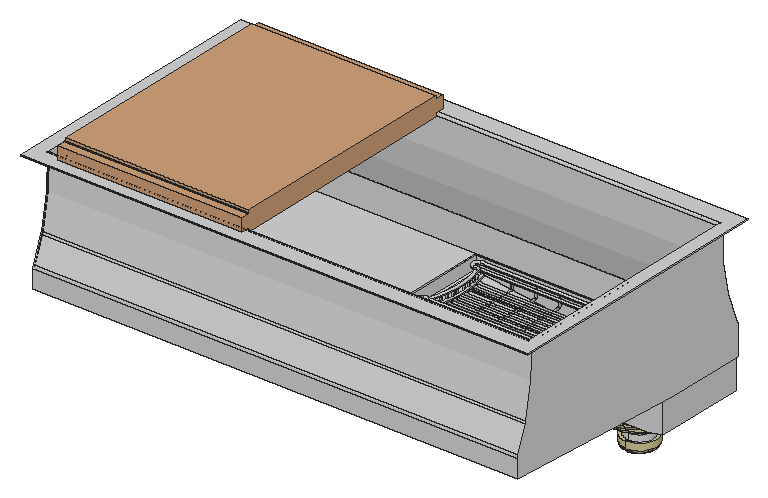
Revit family "Sink-Undermount-Kitchen-KALLISTA-Soltiere-L20306", category Plumbing Fixtures, host Face, Revit 2022
Family settings
  Host = Face
  Round Connector Dimension = Use Diameter
  Part Type = Normal
  OmniClass Number = 23.31.13.00
  OmniClass Title = Sinks
  Cut with Voids When Loaded = No
  Maintain Annotation Orientation = No
  Shared = No
  Room Calculation Point = No
Parameters (values of type "NA-Stainless Steel")
  Width = 18"  # constant formula
  WaterSense Certified = 1 = 0  # no
  Waste Water Outlet = "Waste Water Outlet"  # constant formula
  Waste Connection = 1 = 1  # yes
  Vent Connection = 1 = 0  # no
  URL = "https://www.kallista.com/"
  Type = 1
  Product Page URL = "https://www.kallista.com/products/luxury-kitchen/kitchen-sinks/kitchen-sink/soltiere-33-stainless-steel-kitchen-sink-with-standard-accessories-l20306-00/na"
  Product Name = "Soltiere"  # constant formula
  Product Documentation Link = "https://techcomm.kohler.com/techcomm/pdf/L20306-00_spec_US-CA_Kallista_en.pdf"
  Model = "L20306-00-NA"  # constant formula
  Material = "Stainless Steel"  # constant formula
  Master Format 2014 Name = "Residential Lavatories and Sinks"  # constant formula
  Master Format 2014 = "22 41 16"  # constant formula
  Manufacturer Address = "444 Highland Dr, Kohler, WI 53044"  # constant formula
  Manufacturer = "Kallista Co."  # constant formula
  Length = 33"  # constant formula
  Hot Water Inlet = "Hot Water Inlet"  # constant formula
  Height = 13.49476"  # constant formula
  HW Connection = 1 = 0  # no
  Finish = Kallista-Metal-NA-Stainless_Steel
  Environmental Product Declaration = ""
  Drain Included = 1 = 0  # no
  Dist To Cutting Board [instance] = 24.40945"
  Description = "33 inch Stainless Steel Kitchen Sink with Standard Accessories"  # constant formula
  Default Elevation = 36"
  Declare Label = ""
  Date Modified = "05/14/2025"  # constant formula
  Date Created = "05/14/2025"  # constant formula
  Copyright = "Copyright Kallista Co."  # constant formula
  Contact Us = "https://www.kallista.com/corporate/contact-us/"
  Cold Water Inlet = "Cold Water Inlet"  # constant formula
  CW Connection = 1 = 0  # no
  Assembly Code = "D2010400"
  ADA Compliant = 1 = 0  # no
Reference planes (in)
  plane 1 "Center (Front/Back)": y = 0
  plane 2: z = 0
  plane 3 "Center (Left/Right)": x = 0
  plane 4: y = -15.05512
  plane 5: y = 2.94488
  plane 6: y = -15.05512
  plane 7: x = -28.42913
  plane 8: y = 1.7883
  plane 9: x = -27.66142
  plane 10: x = 3.80315
  plane 11: y = -13.62303
  plane 12: z = -1.06045
  plane 13: z = -11.76772
  plane 14: x = -20.6063
  plane 15: y = -6.05315
  plane 16: y = 2.14764
  plane 17: y = -14.25394
  plane 18: x = -26.6063
  plane 19: x = -14.6063
  plane 20: z = -1
  plane 21: z = -14.49476
  plane 22: x = 4.57087
  plane 23: x = -11.92913
  plane 24: x = -27.74154
  plane 25: x = 3.88327
  plane 26: y = 2.26516
  plane 27: y = -14.37146
Forms (in)
  Revolve 1, void
    sketch origin (0, 0, 0) x (1, 0, 0) y (0, 0, 1)
      loop
        line (0, -11.76772) -> (-2.53006, -11.76772) -> (-2.53006, -14.49476) -> (0, -14.49476) -> (0, -11.76772)
      axis (0, -11.76772) -> (0, -14.49476)
    angle from 0 to 360
  Extrusion 2, void
    sketch origin (0, 0, 0) x (1, 0, 0) y (0, 0, 1)
      loop
        line (-27.92126, -1.06045) -> (-27.92126, -11.76772) -> (4.26086, -11.76772) -> (4.26086, -1.06045) -> (-27.92126, -1.06045)
    from -3.07218 to 15.14173
  Extrusion 3, void
    sketch origin (0, 0, 0) x (1, 0, 0) y (0, 1, 0)
      loop
        line (4.69264, 2.94488) -> (-28.43444, 2.94488) -> (-28.43444, -15.05512) -> (4.69264, -15.05512) -> (4.69264, 2.94488)
    from -1.06045 to -1
  Extrusion 4, void
    sketch origin (0, 0, 0) x (1, 0, 0) y (0, 1, 0)
      loop
        line (3.94111, 2.26516) -> (-27.74154, 2.26516) -> (-27.74154, -14.37146) -> (3.94111, -14.37146) -> (3.94111, 2.26516)
    from -1 to 9.84252
Dimensions and locks (in)
  "Dist To Cutting Board": plane 14 to plane 10
  plane 5 to plane 15 = 8.99803"  (x2)
  plane 18 to plane 14 to plane 19 = 6" locked, 6" locked
  plane 16 to plane 15 to plane 17 = 8.20079" locked, 8.20079" locked
  level to plane 20 = 1"
  "Width": plane 5 to plane 6
  "Height": plane 21 to plane 20
  "Length": plane 7 to plane 22
  aligned and locked: plane 2 to host face
  aligned and locked: level to host face
  aligned and locked: plane 1 "Center (Front/Back)" to nested 1
  aligned and locked: plane 3 "Center (Left/Right)" to nested 1
  aligned and locked: plane 14 to nested 2
  aligned and locked: nested 2 to plane 15
  aligned and locked: Revolve 1 sketch curve to plane 13
  aligned and locked: Extrusion 2 sketch curve to plane 12
  aligned and locked: plane 13 to Extrusion 2 sketch curve
  aligned and locked: Revolve 1 sketch curve to plane 21
  aligned and locked: Extrusion 3 to plane 20
  aligned and locked: Extrusion 3 to plane 12
  aligned and locked: plane 20 to Extrusion 4
  aligned and locked: plane 24 to Extrusion 4 sketch curve
  aligned and locked: Extrusion 4 sketch curve to plane 27
Automatic sketch dimensions
  host sketch curve to host sketch curve = 96"  (x2)
  Revolve 1 sketch curve to plane 3 "Center (Left/Right)" = 0"  (x2)
  Revolve 1 sketch curve to plane 3 "Center (Left/Right)" = 2.53006"
  plane 13 to Revolve 1 sketch curve = 1.24091"
  Revolve 1 sketch curve to Revolve 1 sketch curve = 0.24523"
  Extrusion 2 sketch curve to plane 7 = 0.50787"
  Extrusion 2 sketch curve to plane 10 = 0.45771"
  Extrusion 3 sketch curve to plane 5 = 0"
  Extrusion 3 sketch curve to plane 4 = 0"
  plane 7 to Extrusion 3 sketch curve = 0.0053"
  Extrusion 3 sketch curve to plane 10 = 0.88949"
  plane 8 to Extrusion 4 sketch curve = 0.47686"
  Extrusion 4 sketch curve to plane 10 = 0.13796"
Nested families (in)
  nested 1: "L20306" at (0, 0, 0), type "L20306"
  nested 2: "L20306_Cutting_Board" at (-20.6063, -6.05315, -1.22632), type "L20306_Cutting_Board"
Connectors (in)
  piping at (0, 0, -14.49478), diameter 1.5, driven by "Waste Connection", driven by "Waste Water Outlet"
    settings: on nested 1, index 1, connector inside diameter 24", connector length 0", flow factor 0, pipe flow 0 GPM, pressure drop 0.00 psi, fitting loss kfactor 0, connector angle 0.00°, fixture units 0, engagement length 0", angle of deflection 0.00°, flow configuration 0, flow direction 2, fitting loss method 0, system type 16, joint type 0, gender type 0, connector reference index -1, connector utility 1, adjustable connector no, is connector primary yes, connector description "Waste Water Outlet"
Definition of nested family "L20306"
  Parameters (values of type "L20306")
    Material = none
    Default Elevation = 0"
  Reference planes (in)
    plane 1 "Center (Front/Back)": y = 0
    plane 2: z = 0
    plane 3 "Center (Left/Right)": x = 0
    plane 4: x = 4.57087
    plane 5: x = -28.42913
    plane 6: y = 2.94488
    plane 7: z = -1
    plane 8: y = -15.05512
    plane 9: x = -27.66142
    plane 10: y = -13.62303
    plane 11: x = 3.80315
    plane 12: y = 1.7883
    plane 13: y = -5.90855
    plane 14: y = 2.14486
    plane 15: y = -14.25514
    plane 16: z = -11.76772
    plane 17: z = 0.05494
    plane 18: z = -14.49478
  Forms (in)
    Extrusion 1, solid, material <- "Material", detail levels medium+fine
      sketch origin (0, 0, 0) x (0, 1, 0) y (0, 0, 1)
        loop
          arc (1.70492, -1.13271) -> (1.72889, -1.08086) -> (1.78195, -1.05971) r 0.07713
          line (1.78195, -1.05971) -> (2.94488, -1.05971) -> (2.94488, -1) -> (-15.05512, -1) -> (-15.05512, -1.06045) -> (-13.89367, -1.06045)
          arc (-13.89367, -1.06045) -> (-13.83703, -1.08341) -> (-13.81235, -1.13932) r 0.08135
          arc (-13.81235, -1.13932) -> (-13.90643, -3.3271) -> (-14.31948, -5.47759) r 14.93193
          arc (-14.31948, -5.47759) -> (-14.34563, -5.56473) -> (-14.37671, -5.65025) r 1.59884
          line (-14.37671, -5.65025) -> (-14.98468, -7.18585)
          arc (-14.98468, -7.18585) -> (-15.01494, -7.29003) -> (-15.02515, -7.39802) r 0.57636
          line (-15.02515, -7.39802) -> (-15.02515, -8.55456) -> (-3.5143, -9.25086)
          arc (-3.5143, -9.25086) -> (-2.98861, -9.2747) -> (-2.46245, -9.28264) r 17.42055
          line (-2.46245, -9.28264) -> (2.91534, -9.28264) -> (2.91534, -7.32399)
          arc (2.91534, -7.32399) -> (2.91209, -7.2945) -> (2.90249, -7.26643) r 0.13536
          arc (2.90249, -7.26643) -> (1.92396, -4.27371) -> (1.70492, -1.13271) r 12.81133
      from -27.63182 to 4.00339
    Extrusion 2, solid, material <- "Material", detail levels medium+fine
      sketch origin (0, 0, 0) x (1, 0, 0) y (0, 0, 1)
        loop
          line (-13.06939, -9.28264) -> (-13.06939, -10.08524)
          arc (-13.06939, -10.08524) -> (-13.03235, -10.17913) -> (-12.94118, -10.22243) r 0.13751
          arc (-12.94118, -10.22243) -> (-7.86608, -10.71531) -> (-2.82832, -11.50309) r 87.46494
          arc (-2.82832, -11.50309) -> (-2.7238, -11.51762) -> (-2.61839, -11.52248) r 1.14574
          line (-2.61839, -11.52248) -> (2.67637, -11.52248)
          arc (2.67637, -11.52248) -> (2.74704, -11.5194) -> (2.81718, -11.51016) r 0.8109
          line (2.81718, -11.51016) -> (3.88117, -11.32255) -> (3.88117, -9.28264) -> (-13.06939, -9.28264)
      from -2.91874 to 2.98885
    Extrusion 3, void
      sketch origin (0, 0, 0) x (1, 0, 0) y (0, 0, 1)
        loop
          arc (-12.93852, -10.18315) -> (-7.86113, -10.67625) -> (-2.82111, -11.46438) r 87.50431
          arc (-2.82111, -11.46438) -> (-2.72018, -11.47842) -> (-2.61839, -11.48311) r 1.10637
          line (-2.61839, -11.48311) -> (2.67637, -11.48311)
          arc (2.67637, -11.48311) -> (2.74361, -11.48018) -> (2.81034, -11.47139) r 0.77153
          line (2.81034, -11.47139) -> (3.68431, -11.31729) -> (3.68431, -8.23934) -> (-13.03002, -8.23934) -> (-13.03002, -10.08524)
          arc (-13.03002, -10.08524) -> (-13.00359, -10.15225) -> (-12.93852, -10.18315) r 0.09814
      from -2.83097 to 2.91459
    Sweep 4, solid, detail levels medium+fine
      path origin (-0.04561, -0.00109, 0) x (1, 0, 0) y (0, 1, 0)
        loop
          circle (0.02608, -0.00208) r 2.16535
      profile origin (-0.01953, 2.16219, 0) x (0, -1, 0) y (0, 0, 1)
        loop
          circle (-0.25104, -9.43723) r 0.0935
    Sweep 5, solid, detail levels medium+fine
      path origin (0, 0, 0) x (0, 1, 0) y (0, 0, 1)
        loop
          line (-2.23524, -9.46485) -> (-2.23524, -9.90475)
          arc (-2.23524, -9.90475) -> (-2.19072, -10.01223) -> (-2.08325, -10.05674) r 0.15199
          line (-2.08325, -10.05674) -> (2.09029, -10.05674)
          arc (2.09029, -10.05674) -> (2.19226, -10.01451) -> (2.2345, -9.91253) r 0.14421
          line (2.2345, -9.91253) -> (2.2345, -9.44732)
      profile origin (0, -2.23524, -9.46485) x (1, 0, 0) y (0, 1, 0)
        loop
          circle (-3.95163, 0.0504) r 0.0525
    Sweep 6, solid, detail levels medium+fine
      path origin (-1.54, 0, 0) x (0, 1, 0) y (0, 0, 1)
        loop
          line (-2.23524, -9.46485) -> (-2.23524, -9.90475)
          arc (-2.23524, -9.90475) -> (-2.19072, -10.01223) -> (-2.08325, -10.05674) r 0.15199
          line (-2.08325, -10.05674) -> (2.09029, -10.05674)
          arc (2.09029, -10.05674) -> (2.19226, -10.01451) -> (2.2345, -9.91253) r 0.14421
          line (2.2345, -9.91253) -> (2.2345, -9.44732)
      profile origin (-1.54, -2.23524, -9.46485) x (1, 0, 0) y (0, 1, 0)
        loop
          circle (-3.95163, 0.0504) r 0.0525
    Sweep 7, solid, detail levels medium+fine
      path origin (-3.08, 0, 0) x (0, 1, 0) y (0, 0, 1)
        loop
          line (-2.23524, -9.46485) -> (-2.23524, -9.90475)
          arc (-2.23524, -9.90475) -> (-2.19072, -10.01223) -> (-2.08325, -10.05674) r 0.15199
          line (-2.08325, -10.05674) -> (2.09029, -10.05674)
          arc (2.09029, -10.05674) -> (2.19226, -10.01451) -> (2.2345, -9.91253) r 0.14421
          line (2.2345, -9.91253) -> (2.2345, -9.44732)
      profile origin (-3.08, -2.23524, -9.46485) x (1, 0, 0) y (0, 1, 0)
        loop
          circle (-3.95163, 0.0504) r 0.0525
    Sweep 8, solid, detail levels medium+fine
      path origin (-4.62, 0, 0) x (0, 1, 0) y (0, 0, 1)
        loop
          line (-2.23524, -9.46485) -> (-2.23524, -9.90475)
          arc (-2.23524, -9.90475) -> (-2.19072, -10.01223) -> (-2.08325, -10.05674) r 0.15199
          line (-2.08325, -10.05674) -> (2.09029, -10.05674)
          arc (2.09029, -10.05674) -> (2.19226, -10.01451) -> (2.2345, -9.91253) r 0.14421
          line (2.2345, -9.91253) -> (2.2345, -9.44732)
      profile origin (-4.62, -2.23524, -9.46485) x (1, 0, 0) y (0, 1, 0)
        loop
          circle (-3.95163, 0.0504) r 0.0525
    Sweep 9, solid, detail levels medium+fine
      path origin (-6.16, 0, 0) x (0, 1, 0) y (0, 0, 1)
        loop
          line (-2.23524, -9.46485) -> (-2.23524, -9.90475)
          arc (-2.23524, -9.90475) -> (-2.19072, -10.01223) -> (-2.08325, -10.05674) r 0.15199
          line (-2.08325, -10.05674) -> (2.09029, -10.05674)
          arc (2.09029, -10.05674) -> (2.19226, -10.01451) -> (2.2345, -9.91253) r 0.14421
          line (2.2345, -9.91253) -> (2.2345, -9.44732)
      profile origin (-6.16, -2.23524, -9.46485) x (1, 0, 0) y (0, 1, 0)
        loop
          circle (-3.95163, 0.0504) r 0.0525
    Sweep 10, solid, detail levels medium+fine
      path origin (0, 0, 0) x (1, 0, 0) y (0, 0, 1)
        loop
          line (-2.03042, -9.45566) -> (-2.03042, -9.80529)
          arc (-2.03042, -9.80529) -> (-2.07345, -9.90915) -> (-2.17731, -9.95217) r 0.14688
          line (-2.17731, -9.95217) -> (-11.75841, -9.95217)
          arc (-11.75841, -9.95217) -> (-11.86145, -9.90949) -> (-11.90413, -9.80645) r 0.14572
          line (-11.90413, -9.80645) -> (-11.90413, -9.45566)
      profile origin (-2.03042, 0, -9.63048) x (0, -1, 0) y (1, 0, 0)
        loop
          circle (-1.50616, -0.0525) r 0.0525
    Sweep 11, solid, detail levels medium+fine
      path origin (-0.25133, -0.43, 0) x (1, 0, 0) y (0, 0, 1)
        loop
          line (-2.03042, -9.45566) -> (-2.03042, -9.80529)
          arc (-2.03042, -9.80529) -> (-2.07345, -9.90915) -> (-2.17731, -9.95217) r 0.14688
          line (-2.17731, -9.95217) -> (-11.41392, -9.95217)
          arc (-11.41392, -9.95217) -> (-11.51696, -9.90949) -> (-11.55964, -9.80645) r 0.14572
          line (-11.55964, -9.80645) -> (-11.55964, -9.45566)
      profile origin (-2.28175, -0.43, -9.63048) x (0, -1, 0) y (1, 0, 0)
        loop
          circle (-1.50616, -0.0525) r 0.0525
    Sweep 12, solid, detail levels medium+fine
      path origin (-0.40481, -0.86, 0) x (1, 0, 0) y (0, 0, 1)
        loop
          line (-2.03042, -9.45566) -> (-2.03042, -9.80529)
          arc (-2.03042, -9.80529) -> (-2.07345, -9.90915) -> (-2.17731, -9.95217) r 0.14688
          line (-2.17731, -9.95217) -> (-11.21707, -9.95217)
          arc (-11.21707, -9.95217) -> (-11.32011, -9.90949) -> (-11.36279, -9.80645) r 0.14572
          line (-11.36279, -9.80645) -> (-11.36279, -9.45566)
      profile origin (-2.43523, -0.86, -9.63048) x (0, -1, 0) y (1, 0, 0)
        loop
          circle (-1.50616, -0.0525) r 0.0525
    Sweep 13, solid, detail levels medium+fine
      path origin (-0.47219, -1.28545, 0) x (1, 0, 0) y (0, 0, 1)
        loop
          line (-2.03042, -9.45566) -> (-2.03042, -9.80529)
          arc (-2.03042, -9.80529) -> (-2.07345, -9.90915) -> (-2.17731, -9.95217) r 0.14688
          line (-2.17731, -9.95217) -> (-11.11864, -9.95217)
          arc (-11.11864, -9.95217) -> (-11.22169, -9.90949) -> (-11.26437, -9.80645) r 0.14572
          line (-11.26437, -9.80645) -> (-11.26437, -9.45566)
      profile origin (-2.50262, -1.28545, -9.63048) x (0, -1, 0) y (1, 0, 0)
        loop
          circle (-1.50616, -0.0525) r 0.0525
    Sweep 14, solid, detail levels medium+fine
      path origin (-0.47219, -1.71959, 0) x (1, 0, 0) y (0, 0, 1)
        loop
          line (-2.03042, -9.45566) -> (-2.03042, -9.80529)
          arc (-2.03042, -9.80529) -> (-2.07345, -9.90915) -> (-2.17731, -9.95217) r 0.14688
          line (-2.17731, -9.95217) -> (-11.26628, -9.95217)
          arc (-11.26628, -9.95217) -> (-11.36932, -9.90949) -> (-11.41201, -9.80645) r 0.14572
          line (-11.41201, -9.80645) -> (-11.41201, -9.45566)
      profile origin (-2.50262, -1.71959, -9.63048) x (0, -1, 0) y (1, 0, 0)
        loop
          circle (-1.50616, -0.0525) r 0.0525
    Sweep 15, solid, detail levels medium+fine
      path origin (-0.39559, -2.14918, 0) x (1, 0, 0) y (0, 0, 1)
        loop
          line (-2.03042, -9.45566) -> (-2.03042, -9.80529)
          arc (-2.03042, -9.80529) -> (-2.07345, -9.90915) -> (-2.17731, -9.95217) r 0.14688
          line (-2.17731, -9.95217) -> (-11.24168, -9.95217)
          arc (-11.24168, -9.95217) -> (-11.34472, -9.90949) -> (-11.3874, -9.80645) r 0.14572
          line (-11.3874, -9.80645) -> (-11.3874, -9.45566)
      profile origin (-2.42602, -2.14918, -9.63048) x (0, -1, 0) y (1, 0, 0)
        loop
          circle (-1.50616, -0.0525) r 0.0525
    Sweep 16, solid, detail levels medium+fine
      path origin (-0.25133, -2.58, 0) x (1, 0, 0) y (0, 0, 1)
        loop
          line (-2.03042, -9.45566) -> (-2.03042, -9.80529)
          arc (-2.03042, -9.80529) -> (-2.07345, -9.90915) -> (-2.17731, -9.95217) r 0.14688
          line (-2.17731, -9.95217) -> (-11.43853, -9.95217)
          arc (-11.43853, -9.95217) -> (-11.54157, -9.90949) -> (-11.58425, -9.80645) r 0.14572
          line (-11.58425, -9.80645) -> (-11.58425, -9.45566)
      profile origin (-2.28175, -2.58, -9.63048) x (0, -1, 0) y (1, 0, 0)
        loop
          circle (-1.50616, -0.0525) r 0.0525
    Sweep 17, solid, detail levels medium+fine
      path origin (0, -3.01, 0) x (1, 0, 0) y (0, 0, 1)
        loop
          line (-2.03042, -9.45566) -> (-2.03042, -9.80529)
          arc (-2.03042, -9.80529) -> (-2.07345, -9.90915) -> (-2.17731, -9.95217) r 0.14688
          line (-2.17731, -9.95217) -> (-11.75841, -9.95217)
          arc (-11.75841, -9.95217) -> (-11.86145, -9.90949) -> (-11.90413, -9.80645) r 0.14572
          line (-11.90413, -9.80645) -> (-11.90413, -9.45566)
      profile origin (-2.03042, -3.01, -9.63048) x (0, -1, 0) y (1, 0, 0)
        loop
          circle (-1.50616, -0.0525) r 0.0525
    Sweep 18, solid, detail levels medium+fine
      path origin (-0.62254, 0.02827, 0) x (-1, 0, 0) y (0, -1, 0)
        loop
          arc (1.40141, -2.14388) -> (2.37415, 0.09111) -> (1.26079, 2.25949) r 2.84665
      profile origin (-2.99669, -0.06284, 0) x (0.99949, 0.031919, 0) y (0, 0, 1)
        loop
          circle (0.25104, -9.70498) r 0.07874
    Sweep 19, solid, detail levels medium+fine
      path origin (0, 0, 0) x (1, 0, 0) y (0, 1, 0)
        loop
          arc (3.22859, 2.70606) -> (3.65905, 2.40516) -> (3.52433, 1.89754) r 0.45835
          arc (3.52433, 1.89754) -> (2.6224, -0.05877) -> (3.5457, -2.00509) r 2.54246
          arc (3.5457, -2.00509) -> (3.66545, -2.44186) -> (3.29497, -2.70234) r 0.3937
          line (3.29497, -2.70234) -> (-12.44424, -2.70234)
          arc (-12.44424, -2.70234) -> (-12.82274, -2.32384) -> (-12.44424, -1.94534) r 0.3785
          line (-12.44424, -1.94534) -> (-1.59571, -1.94534)
      profile origin (-4.57463, -2.70234, 0) x (0, -1, 0) y (0, 0, 1)
        loop
          circle (-0.0935, -9.45566) r 0.0935
    Sweep 20, solid, detail levels medium+fine
      path origin (0, 0.00569, 0) x (1, 0, 0) y (0, 1, 0)
        loop
          line (3.22859, 2.70234) -> (-12.44424, 2.70234)
          arc (-12.44424, 2.70234) -> (-12.82274, 2.32384) -> (-12.44424, 1.94534) r 0.3785
          line (-12.44424, 1.94534) -> (-1.59571, 1.94534)
      profile origin (-4.60782, 2.70803, 0) x (0, -1, 0) y (0, 0, 1)
        loop
          circle (0.0935, -9.45566) r 0.0935
    Sweep 21, solid, detail levels medium+fine
      path origin (-13.51819, 0.02827, 0) x (1, 0, 0) y (0, 1, 0)
        loop
          arc (1.39074, -2.07479) -> (1.71257, -0.10629) -> (1.39074, 1.86222) r 6.18131
      profile origin (-11.80563, -0.07802, 0) x (-1, 0, 0) y (0, 0, 1)
        loop
          circle (-0.25104, -9.70498) r 0.07874
    Sweep 22, solid, detail levels medium+fine
      path origin (-13.78048, -0.00109, 0) x (-1, 0, 0) y (0, -1, 0)
        loop
          arc (-1.83687, 2.14145) -> (-2.21093, 0.0219) -> (-1.85306, -2.10044) r 6.329
      profile origin (-11.56955, -0.02299, 0) x (-0.999993, 0.003816, 0) y (0, 0, 1)
        loop
          circle (0.25104, -9.43723) r 0.0935
    Revolve 23, solid, material <- "Material", detail levels medium+fine
      sketch origin (-0.03196, 1.03277, 36.34739) x (0, 1, 0) y (0, 0, 1)
        loop
          line (1.05658, -47.83051) -> (0.54661, -47.83051) -> (0.54661, -48.34047) -> (0.54661, -49.1285)
          arc (0.54661, -49.1285) -> (0.53307, -49.17495) -> (0.4967, -49.20685) r 0.08645
          line (0.4967, -49.20685) -> (-0.09426, -49.48242) -> (-0.24491, -49.78525) -> (-0.24491, -50.84217) -> (-0.0393, -50.84217)
          arc (-0.0393, -50.84217) -> (-0.01129, -50.83134) -> (0.00892, -50.80912) r 0.06534
          line (0.00892, -50.80912) -> (0.09083, -50.66135) -> (0.09083, -50.2213) -> (-0.10602, -50.2213) -> (-0.10602, -49.80564)
          arc (-0.10602, -49.80564) -> (-0.04523, -49.61282) -> (0.11516, -49.48975) r 0.33616
          line (0.11516, -49.48975) -> (0.49651, -49.35095)
          arc (0.49651, -49.35095) -> (0.61232, -49.26209) -> (0.65621, -49.12288) r 0.2427
          line (0.65621, -49.12288) -> (0.65621, -49.07185) -> (1.01829, -49.07185)
          arc (1.01829, -49.07185) -> (1.03733, -49.06384) -> (1.04492, -49.04463) r 0.02663
          line (1.04492, -49.04463) -> (1.03913, -48.78515)
          arc (1.03913, -48.78515) -> (1.04772, -48.76192) -> (1.06987, -48.75084) r 0.03369
          line (1.06987, -48.75084) -> (1.23668, -48.73625)
          arc (1.23668, -48.73625) -> (1.28795, -48.70932) -> (1.30475, -48.6539) r 0.075
          line (1.30475, -48.6539) -> (0.7111, -48.66226) -> (0.7111, -48.48171) -> (1.30165, -48.48171) -> (1.30165, -48.43392) -> (0.70722, -48.44229) -> (0.70722, -48.28728) -> (1.29771, -48.27896) -> (1.29771, -48.15395) -> (0.65813, -48.16296)
          arc (0.65813, -48.16296) -> (0.67897, -48.06591) -> (0.76256, -48.01238) r 0.129
          line (0.76256, -48.01238) -> (1.21901, -47.9319) -> (1.21901, -47.83051) -> (1.05658, -47.83051)
        axis (-1.03277, -50.84217) -> (-1.03277, -47.83051)
      angle from 0 to 360
    Revolve 24, solid, material <- "Material", detail levels medium+fine
      sketch origin (-30.11193, -0.03016, -11.74558) x (1, 0, 0) y (0, 0, 1)
        loop
          line (28.37153, 0.20458) -> (28.37153, 0.17057) -> (28.43393, 0.17057)
          arc (28.43393, 0.17057) -> (28.52883, 0.13271) -> (28.57161, 0.03992) r 0.13786
          line (28.57161, 0.03992) -> (28.60638, -0.62363)
          arc (28.60638, -0.62363) -> (28.64386, -0.70492) -> (28.727, -0.73809) r 0.12078
          line (28.727, -0.73809) -> (30.12126, -0.73809) -> (30.12126, 0.35272) -> (30.08592, 0.35272)
          arc (30.08592, 0.35272) -> (29.95563, 0.3389) -> (29.83113, 0.29805) r 0.62101
          arc (29.83113, 0.29805) -> (29.80339, 0.24321) -> (29.85119, 0.20458) r 0.04889
          line (29.85119, 0.20458) -> (29.97467, 0.20458) -> (29.97467, -0.70732) -> (28.72432, -0.70732)
          arc (28.72432, -0.70732) -> (28.66337, -0.68301) -> (28.6359, -0.62342) r 0.08854
          line (28.6359, -0.62342) -> (28.60029, 0.05596)
          arc (28.60029, 0.05596) -> (28.55163, 0.16151) -> (28.44368, 0.20458) r 0.15683
          line (28.44368, 0.20458) -> (28.37153, 0.20458)
        axis (30.12126, -0.73809) -> (30.12126, 0.35272)
      angle from 0 to 360
    Extrusion 25, void
      sketch origin (-30.11193, 0.04921, -11.77492) x (1, 0, 0) y (0, 1, 0)
        loop
          circle (30.29449, 0.90636) r 0.095
        loop
          circle (30.56016, 0.77099) r 0.095
        loop
          circle (30.7291, 0.58277) r 0.095
        loop
          circle (30.90636, 0.29449) r 0.095
        loop
          circle (29.43984, 0.77099) r 0.095
        loop
          circle (29.22901, 0.56016) r 0.095
        loop
          circle (29.09364, 0.29449) r 0.095
        loop
          circle (29.70551, 0.90636) r 0.095
        loop
          circle (30, 0.953) r 0.095
        loop
          circle (30.953, 0) r 0.095
        loop
          circle (30.625, 0) r 0.095
        loop
          circle (30.54127, 0.3125) r 0.095
        loop
          circle (30.3125, 0.54127) r 0.095
        loop
          circle (30, 0.625) r 0.095
        loop
          circle (29.6875, 0.54127) r 0.095
        loop
          circle (29.45873, 0.3125) r 0.095
        loop
          circle (29.375, 0) r 0.095
        loop
          circle (29.047, 0) r 0.095
        loop
          circle (30.29449, -0.9064) r 0.095
        loop
          circle (30.56016, -0.77104) r 0.095
        loop
          circle (30.77099, -0.5602) r 0.095
        loop
          circle (30.90636, -0.29454) r 0.095
        loop
          circle (29.43984, -0.77104) r 0.095
        loop
          circle (29.22901, -0.5602) r 0.095
        loop
          circle (29.09364, -0.29454) r 0.095
        loop
          circle (29.70551, -0.9064) r 0.095
        loop
          circle (30, -0.95304) r 0.095
        loop
          circle (30.54127, -0.31254) r 0.095
        loop
          circle (30.3125, -0.54131) r 0.095
        loop
          circle (30, -0.62504) r 0.095
        loop
          circle (29.6875, -0.54131) r 0.095
        loop
          circle (29.45873, -0.31254) r 0.095
      from -0.82453 to -0.41363
    Revolve 26, void
      sketch origin (0, -22.04724, 0) x (0, 1, 0) y (0, 0, 1)
        loop
          line (22.04724, -11.37052) -> (22.04724, -12.29153) -> (23.69897, -12.29153) -> (23.69897, -11.81066)
          arc (23.69897, -11.81066) -> (23.71269, -11.74169) -> (23.75176, -11.68322) r 0.18023
          line (23.75176, -11.68322) -> (23.90324, -11.53173)
          arc (23.90324, -11.53173) -> (23.9571, -11.49575) -> (24.02062, -11.48311) r 0.166
          line (24.02062, -11.48311) -> (24.06445, -11.48311) -> (24.06445, -11.37052) -> (22.04724, -11.37052)
        axis (22.04724, -12.29153) -> (22.04724, -11.37052)
      angle from 0 to 360
    Extrusion 27, void
      sketch origin (0, 0, 0) x (0, 1, 0) y (0, 0, 1)
        loop
          arc (2.85079, -7.33817) -> (2.84891, -7.32103) -> (2.84333, -7.30472) r 0.07874
          arc (2.84333, -7.30472) -> (1.86439, -4.31599) -> (1.63834, -1.17916) r 12.89007
          arc (1.63834, -1.17916) -> (1.71335, -1.0158) -> (1.88028, -0.94911) r 0.24225
          line (1.88028, -0.94911) -> (2.01765, -0.94911) -> (2.01765, -0.53076) -> (1.67231, -0.53076) -> (-14.03241, -0.53076) -> (-14.03241, -0.97867) -> (-13.96236, -0.97867)
          arc (-13.96236, -0.97867) -> (-13.83896, -1.02871) -> (-13.78527, -1.15055) r 0.17717
          arc (-13.78527, -1.15055) -> (-13.88064, -3.34532) -> (-14.29534, -5.50266) r 15.01067
          arc (-14.29534, -5.50266) -> (-14.32279, -5.5941) -> (-14.35539, -5.68382) r 1.67758
          line (-14.35539, -5.68382) -> (-14.91146, -7.08836)
          arc (-14.91146, -7.08836) -> (-14.93759, -7.1783) -> (-14.94641, -7.27154) r 0.49762
          line (-14.94641, -7.27154) -> (-14.94641, -8.48044) -> (-3.00405, -9.20284)
          arc (-3.00405, -9.20284) -> (-2.98647, -9.20364) -> (-2.96887, -9.2039) r 0.58254
          line (-2.96887, -9.2039) -> (2.85079, -9.2039) -> (2.85079, -7.33817)
      from -27.56176 to 3.88117
    Sweep 28, solid, detail levels medium+fine
      path origin (4.74253, 0.02827, 0) x (-1, 0, 0) y (0, -1, 0)
        loop
          arc (1.93601, -1.51944) -> (2.37559, -0.00735) -> (1.94409, 1.50706) r 2.84665
      profile origin (2.36694, 0.03563, 0) x (0.999996, -0.002671, 0) y (0, 0, 1)
        loop
          circle (0.25104, -9.70498) r 0.07874
    Extrusion 29, solid, detail levels medium+fine
      sketch origin (0.04921, 0.04921, 0) x (1, 0, 0) y (0, 1, 0)
        loop
          circle (2.91187, -1.28717) r 0.078
      from -9.69146 to -11.46538
    Extrusion 30, solid, detail levels medium+fine
      sketch origin (0.02461, 2.54675, 0) x (1, 0, 0) y (0, 1, 0)
        loop
          circle (2.91187, -1.28717) r 0.078
      from -9.69146 to -11.46538
    Extrusion 31, solid, material <- "Material", detail levels medium+fine
      sketch origin (0, 0, 0) x (0, 1, 0) y (0, 0, 1)
        loop
          line (-6.27406, -1.05971) -> (2.94488, -1.05971) -> (2.94488, -1) -> (-15.05512, -1) -> (-15.05512, -1.06045) -> (-6.27406, -1.05971)
      from 4.00339 to 4.69264
    Extrusion 32, solid, material <- "Material", detail levels medium+fine
      sketch origin (-32.43252, 0, 0) x (0, 1, 0) y (0, 0, 1)
        loop
          line (-6.27406, -1.05971) -> (2.94488, -1.05971) -> (2.94488, -1) -> (-15.05512, -1) -> (-15.05512, -1.06045) -> (-6.27406, -1.05971)
      from 4.00339 to 4.8007
    Extrusion 33, solid, material <- "Material", detail levels coarse
      sketch origin (0.05771, -0.08661, 0) x (0, 1, 0) y (0, 0, 1)
        loop
          arc (1.70492, -1.13271) -> (1.72889, -1.08086) -> (1.78195, -1.05971) r 0.07713
          line (1.78195, -1.05971) -> (2.94488, -1.05971) -> (2.94488, -1) -> (-15.05512, -1) -> (-15.05512, -1.06045) -> (-13.89367, -1.06045)
          arc (-13.89367, -1.06045) -> (-13.83703, -1.08341) -> (-13.81235, -1.13932) r 0.08135
          arc (-13.81235, -1.13932) -> (-13.90643, -3.3271) -> (-14.31948, -5.47759) r 14.93193
          arc (-14.31948, -5.47759) -> (-14.34563, -5.56473) -> (-14.37671, -5.65025) r 1.59884
          line (-14.37671, -5.65025) -> (-14.98468, -7.18585)
          arc (-14.98468, -7.18585) -> (-15.01494, -7.29003) -> (-15.02515, -7.39802) r 0.57636
          line (-15.02515, -7.39802) -> (-15.02515, -8.55456) -> (-3.5143, -9.25086)
          arc (-3.5143, -9.25086) -> (-2.98861, -9.2747) -> (-2.46245, -9.28264) r 17.42055
          line (-2.46245, -9.28264) -> (2.91534, -9.28264) -> (2.91534, -7.32399)
          arc (2.91534, -7.32399) -> (2.91209, -7.2945) -> (2.90249, -7.26643) r 0.13536
          arc (2.90249, -7.26643) -> (1.92396, -4.27371) -> (1.70492, -1.13271) r 12.81133
      from -27.63182 to 4.00339
    Extrusion 34, solid, material <- "Material", detail levels coarse
      sketch origin (0, -0.39162, 0) x (1, 0, 0) y (0, 0, 1)
        loop
          line (-13.06939, -9.28264) -> (-13.06939, -10.08524)
          arc (-13.06939, -10.08524) -> (-13.03235, -10.17913) -> (-12.94118, -10.22243) r 0.13751
          arc (-12.94118, -10.22243) -> (-7.86608, -10.71531) -> (-2.82832, -11.50309) r 87.46494
          arc (-2.82832, -11.50309) -> (-2.7238, -11.51762) -> (-2.61839, -11.52248) r 1.14574
          line (-2.61839, -11.52248) -> (2.67637, -11.52248)
          arc (2.67637, -11.52248) -> (2.74704, -11.5194) -> (2.81718, -11.51016) r 0.8109
          line (2.81718, -11.51016) -> (3.88117, -11.32255) -> (3.88117, -9.28264) -> (-13.06939, -9.28264)
      from -2.91874 to 2.98885
    Extrusion 35, void
      sketch origin (0, 0, 0) x (0, 1, 0) y (0, 0, 1)
        loop
          arc (-13.88574, -0.59922) -> (-13.92504, -3.06344) -> (-14.36808, -5.48783) r 14.9713
          arc (-14.36808, -5.48783) -> (-14.39488, -5.57712) -> (-14.42671, -5.66474) r 1.63821
          line (-14.42671, -5.66474) -> (-15.03468, -7.20035)
          arc (-15.03468, -7.20035) -> (-15.06288, -7.2974) -> (-15.07239, -7.39802) r 0.53699
          line (-15.07239, -7.39802) -> (-15.07239, -8.5175) -> (-3.59854, -9.21156)
          arc (-3.59854, -9.21156) -> (-3.07404, -9.23534) -> (-2.54906, -9.24327) r 17.38118
          line (-2.54906, -9.24327) -> (2.78936, -9.24327) -> (2.78936, -7.32399)
          arc (2.78936, -7.32399) -> (2.78705, -7.30308) -> (2.78024, -7.28317) r 0.09599
          arc (2.78024, -7.28317) -> (1.75036, -4.01924) -> (1.61856, -0.59922) r 12.8507
          line (1.61856, -0.59922) -> (-13.88574, -0.59922)
      from -26.528 to 3.05228
    Extrusion 36, void
      sketch origin (0, 0, 0) x (1, 0, 0) y (0, 1, 0)
        loop
          line (3.05228, 1.56056) -> (-12.86804, 1.56056) -> (-12.86804, -2.99264) -> (3.05228, -2.99264) -> (3.05228, 1.56056)
      from -10.09049 to -8.55456
    Revolve 37, solid, material <- "Material", detail levels coarse
      sketch origin (0, 0, 0) x (0, 1, 0) y (0, 0, 1)
        loop
          line (0, -11.52165) -> (-2.33443, -11.52165) -> (-2.33443, -12.13432) -> (-1.79035, -12.13432) -> (-1.79035, -12.30651) -> (-2.38091, -12.30651) -> (-2.38091, -12.47629) -> (-2.18406, -12.47629) -> (-2.18406, -12.86999) -> (-1.68898, -12.86999) -> (-1.68898, -13.13503) -> (-0.98425, -13.13503) -> (-0.98425, -13.90026) -> (-1.1811, -13.90026) -> (-1.1811, -14.49458) -> (0, -14.49458) -> (0, -11.52165)
        axis (0, -11.52165) -> (0, -14.49458)
      angle from 0 to 360
    Extrusion 38, solid, material <- "Material", detail levels medium+fine
      sketch origin (0, 0, 0) x (1, 0, 0) y (0, 1, 0)
        loop
          circle (0, 0) r 0.19685
      from -14.49478 to -13.13503
  Cuts and joins
    Extrusion 3, Extrusion 27 cuts Extrusion 1
    Extrusion 27 cuts Extrusion 31
    Extrusion 27 cuts Extrusion 32
    joined: Extrusion 1, Extrusion 31, Extrusion 32
    Extrusion 25 cuts Revolve 24
    Extrusion 3, Revolve 26 cuts Extrusion 2
    Revolve 26 cuts Revolve 23
    joined: Extrusion 2, Revolve 23
    Extrusion 35, Extrusion 36 cuts Extrusion 33
  Lines and regions (in)
    Masking region 1
      outline origin (0, 0, 0) x (1, 0, 0) y (0, 1, 0)
        loop
          line (4.57087, 2.94488) -> (-28.42913, 2.94488) -> (-28.42913, -15.05512) -> (4.57087, -15.05512) -> (4.57087, 2.94488)
    Masking region 2
      outline origin (0, 0, 0) x (0, 1, 0) y (0, 0, 1)
        loop
          arc (2.90249, -7.26643) -> (1.92396, -4.27371) -> (1.70492, -1.13271) r 12.81133
          arc (1.70492, -1.13271) -> (1.72889, -1.08086) -> (1.78195, -1.05971) r 0.07713
          line (1.78195, -1.05971) -> (2.94488, -1.05971) -> (2.94488, -1) -> (-15.05512, -1) -> (-15.05512, -1.06045) -> (-13.89367, -1.06045)
          arc (-13.89367, -1.06045) -> (-13.83703, -1.08341) -> (-13.81235, -1.13932) r 0.08135
          arc (-13.81235, -1.13932) -> (-13.90643, -3.3271) -> (-14.31948, -5.47759) r 14.93193
          arc (-14.31948, -5.47759) -> (-14.34563, -5.56473) -> (-14.37671, -5.65025) r 1.59884
          line (-14.37671, -5.65025) -> (-14.98468, -7.18585)
          arc (-14.98468, -7.18585) -> (-15.01494, -7.29003) -> (-15.02515, -7.39802) r 0.57636
          line (-15.02515, -7.39802) -> (-15.02515, -8.55456) -> (-2.98885, -9.28264) -> (-2.98885, -11.52248) -> (-2.25482, -11.52248) -> (-2.25482, -11.58451)
          arc (-2.25482, -11.58451) -> (-2.02118, -11.6235) -> (-1.7883, -11.66677) r 12.94031
          arc (-1.7883, -11.66677) -> (-1.7113, -11.71695) -> (-1.69091, -11.80656) r 0.12244
          line (-1.69091, -11.80656) -> (-2.33048, -11.80656) -> (-2.33048, -11.93157) -> (-1.73999, -11.93157) -> (-1.73999, -12.08653) -> (-2.33443, -12.08653) -> (-2.33443, -12.13432) -> (-1.74387, -12.13432) -> (-1.74387, -12.30651) -> (-2.33752, -12.30651)
          arc (-2.33752, -12.30651) -> (-2.32487, -12.36025) -> (-2.27653, -12.38695) r 0.0681
          line (-2.27653, -12.38695) -> (-2.12277, -12.40041)
          arc (-2.12277, -12.40041) -> (-2.08866, -12.41611) -> (-2.0723, -12.44991) r 0.05563
          line (-2.0723, -12.44991) -> (-2.07742, -12.68605)
          arc (-2.07742, -12.68605) -> (-2.03648, -12.71445) -> (-1.98766, -12.72446) r 0.12408
          line (-1.98766, -12.72446) -> (-1.68898, -12.72446)
          arc (-1.68898, -12.72446) -> (-1.68619, -12.87668) -> (-1.57603, -12.98177) r 0.19767
          line (-1.57603, -12.98177) -> (-1.1067, -13.16192)
          arc (-1.1067, -13.16192) -> (-0.97645, -13.28428) -> (-0.9284, -13.4564) r 0.33233
          line (-0.9284, -13.4564) -> (-0.9284, -13.87391) -> (-1.1236, -13.87391) -> (-1.1236, -14.12992) -> (-1.1236, -14.31396) -> (-0.97692, -14.49478) -> (0.98534, -14.49478) -> (1.1236, -14.31396) -> (1.1236, -13.87391) -> (0.9284, -13.87391) -> (0.9284, -13.4564)
          arc (0.9284, -13.4564) -> (0.97645, -13.28428) -> (1.1067, -13.16192) r 0.33233
          line (1.1067, -13.16192) -> (1.57603, -12.98177)
          arc (1.57603, -12.98177) -> (1.68619, -12.87668) -> (1.68898, -12.72446) r 0.19767
          line (1.68898, -12.72446) -> (1.98766, -12.72446)
          arc (1.98766, -12.72446) -> (2.03648, -12.71445) -> (2.07742, -12.68605) r 0.12408
          line (2.07742, -12.68605) -> (2.0723, -12.44991)
          arc (2.0723, -12.44991) -> (2.08866, -12.41611) -> (2.12277, -12.40041) r 0.05563
          line (2.12277, -12.40041) -> (2.27653, -12.38695)
          arc (2.27653, -12.38695) -> (2.32487, -12.36025) -> (2.33752, -12.30651) r 0.0681
          line (2.33752, -12.30651) -> (1.74387, -12.30651) -> (1.74387, -12.13432) -> (2.33443, -12.13432) -> (2.33443, -12.08653) -> (1.73999, -12.08653) -> (1.73999, -11.93157) -> (2.33048, -11.93157) -> (2.33048, -11.80656) -> (1.69091, -11.80656)
          arc (1.69091, -11.80656) -> (1.7113, -11.71695) -> (1.7883, -11.66677) r 0.12244
          arc (1.7883, -11.66677) -> (2.02118, -11.6235) -> (2.25482, -11.58451) r 12.94031
          line (2.25482, -11.58451) -> (2.25482, -11.52248) -> (2.91874, -11.52248) -> (2.91534, -9.28264) -> (2.91534, -7.32399)
          arc (2.91534, -7.32399) -> (2.91209, -7.2945) -> (2.90249, -7.26643) r 0.13536
    Masking region 3
      outline origin (0, 0, 0) x (1, 0, 0) y (0, 0, 1)
        loop
          line (-28.42913, -1) -> (-28.42913, -1.06071) -> (-27.73814, -1.06071)
          arc (-27.73814, -1.06071) -> (-27.68389, -1.08318) -> (-27.66142, -1.13743) r 0.07672
          line (-27.66142, -1.13743) -> (-27.66142, -9.28264) -> (-13.06939, -9.28264) -> (-13.06939, -10.08524)
          arc (-13.06939, -10.08524) -> (-13.03235, -10.17913) -> (-12.94118, -10.22243) r 0.13751
          arc (-12.94118, -10.22243) -> (-7.86608, -10.71531) -> (-2.82832, -11.50309) r 87.46494
          arc (-2.82832, -11.50309) -> (-2.7238, -11.51762) -> (-2.61839, -11.52248) r 1.14574
          line (-2.61839, -11.52248) -> (-2.38734, -11.52248)
          arc (-2.38734, -11.52248) -> (-2.37089, -11.52651) -> (-2.35816, -11.53767) r 0.03562
          line (-2.35816, -11.53767) -> (-2.31416, -11.60051)
          arc (-2.31416, -11.60051) -> (-2.29266, -11.62192) -> (-2.26508, -11.63456) r 0.08631
          line (-2.26508, -11.63456) -> (-1.79253, -11.80656) -> (-2.36244, -11.80656) -> (-2.36244, -11.93157) -> (-2.18253, -11.93157) -> (-2.18253, -11.96323)
          arc (-2.18253, -11.96323) -> (-1.9784, -11.97801) -> (-1.77376, -11.9816) r 3.74149
          line (-1.77376, -11.9816) -> (-1.77376, -12.08653) -> (-2.36639, -12.08653) -> (-2.36639, -12.13432) -> (-2.18253, -12.13432) -> (-2.18253, -12.16604) -> (-1.77376, -12.16604) -> (-1.77376, -12.30651) -> (-2.36948, -12.30651)
          arc (-2.36948, -12.30651) -> (-2.35064, -12.36273) -> (-2.29788, -12.3898) r 0.07862
          line (-2.29788, -12.3898) -> (-2.15484, -12.40231)
          arc (-2.15484, -12.40231) -> (-2.1196, -12.4131) -> (-2.10491, -12.44689) r 0.04402
          line (-2.10491, -12.44689) -> (-2.10983, -12.6729)
          arc (-2.10983, -12.6729) -> (-2.1036, -12.70832) -> (-2.07147, -12.72446) r 0.04005
          line (-2.07147, -12.72446) -> (-1.72094, -12.72446) -> (-1.72094, -12.79936)
          arc (-1.72094, -12.79936) -> (-1.65521, -12.92838) -> (-1.5366, -13.01143) r 0.29924
          line (-1.5366, -13.01143) -> (-1.13054, -13.16731)
          arc (-1.13054, -13.16731) -> (-1.00345, -13.29422) -> (-0.95692, -13.46769) r 0.34666
          line (-0.95692, -13.46769) -> (-0.95692, -13.87391) -> (-1.15556, -13.87391) -> (-1.15556, -14.31396) -> (-1.07614, -14.45671)
          arc (-1.07614, -14.45671) -> (-1.05274, -14.48235) -> (-1.02033, -14.49478) r 0.07539
          line (-1.02033, -14.49478) -> (0, -14.49478) -> (1.02033, -14.49478)
          arc (1.02033, -14.49478) -> (1.05274, -14.48235) -> (1.07614, -14.45671) r 0.07539
          line (1.07614, -14.45671) -> (1.15556, -14.31396) -> (1.15556, -13.87391) -> (0.95692, -13.87391) -> (0.95692, -13.46769)
          arc (0.95692, -13.46769) -> (1.00345, -13.29422) -> (1.13054, -13.16731) r 0.34666
          line (1.13054, -13.16731) -> (1.5366, -13.01143)
          arc (1.5366, -13.01143) -> (1.65521, -12.92838) -> (1.72094, -12.79936) r 0.29924
          line (1.72094, -12.79936) -> (1.72094, -12.72446) -> (2.07147, -12.72446)
          arc (2.07147, -12.72446) -> (2.1036, -12.70832) -> (2.10983, -12.6729) r 0.04005
          line (2.10983, -12.6729) -> (2.10491, -12.44689)
          arc (2.10491, -12.44689) -> (2.1196, -12.4131) -> (2.15484, -12.40231) r 0.04402
          line (2.15484, -12.40231) -> (2.29788, -12.3898)
          arc (2.29788, -12.3898) -> (2.35064, -12.36273) -> (2.36948, -12.30651) r 0.07862
          line (2.36948, -12.30651) -> (1.77376, -12.30651) -> (1.77376, -12.16604) -> (2.18253, -12.16604) -> (2.18253, -12.13432) -> (2.36639, -12.13432) -> (2.36639, -12.08653) -> (1.77376, -12.08653) -> (1.77376, -11.9816)
          arc (1.77376, -11.9816) -> (1.9784, -11.97801) -> (2.18253, -11.96323) r 3.74149
          line (2.18253, -11.96323) -> (2.18253, -11.93157) -> (2.36244, -11.93157) -> (2.36244, -11.80656) -> (1.73878, -11.80656) -> (2.26508, -11.63456)
          arc (2.26508, -11.63456) -> (2.29266, -11.62192) -> (2.31416, -11.60051) r 0.08631
          line (2.31416, -11.60051) -> (2.35816, -11.53767)
          arc (2.35816, -11.53767) -> (2.37089, -11.52651) -> (2.38734, -11.52248) r 0.03562
          line (2.38734, -11.52248) -> (2.67637, -11.52248)
          arc (2.67637, -11.52248) -> (2.74704, -11.5194) -> (2.81718, -11.51016) r 0.8109
          line (2.81718, -11.51016) -> (3.80315, -11.33631) -> (3.80315, -9.28264) -> (3.80315, -1.1366)
          arc (3.80315, -1.1366) -> (3.82567, -1.08223) -> (3.88004, -1.05971) r 0.07689
          line (3.88004, -1.05971) -> (4.57087, -1.05971) -> (4.57087, -1) -> (-28.42913, -1)
    symbolic lines, detail levels medium+fine
      curve 1: line (-13.07583, 1.76899, 0) -> (-13.07583, -2.95542, 0)
      curve 2: line (-13.16364, -2.98738, 0) -> (3.80315, -2.98738, 0)
      curve 3: line (-13.07583, -2.95542, 0) -> (-13.16364, -2.98738, 0)
      curve 4: line (-12.99709, 1.7883, 0) -> (-12.99709, -2.90864, 0)
      curve 5: line (-12.99709, -2.90864, 0) -> (3.80315, -2.90864, 0)
      curve 6: line (-28.27165, 2.7874, 0) -> (-28.27165, -14.89764, 0)
      curve 7: line (4.41339, -14.89764, 0) -> (-28.27165, -14.89764, 0)
      curve 8: line (4.41339, 2.7874, 0) -> (4.41339, -14.89764, 0)
      curve 9: line (4.41339, 2.7874, 0) -> (-28.27165, 2.7874, 0)
      curve 10: arc (-12.17223, 1.7883, 0) -> (-11.91552, -0.07949, 0) -> (-12.21968, -1.94014, 0) r 6.33698
      curve 11: line (-4.00333, 0, 0) -> (-4.00333, 0.10263, 0)
      curve 12: line (-3.89133, 0, 0) -> (-3.89133, 0.10263, 0)
      curve 13: arc (-11.90413, 1.50616, 0) -> (-11.85163, 1.45366, 0) -> (-11.79913, 1.50616, 0) r 0.0525
      curve 14: arc (-11.79913, 1.50616, 0) -> (-11.85163, 1.55866, 0) -> (-11.90413, 1.50616, 0) r 0.0525
      curve 15: arc (-11.71403, 1.07616, 0) -> (-11.76653, 1.12866, 0) -> (-11.81903, 1.07616, 0) r 0.0525
      curve 16: arc (-11.81903, 1.07616, 0) -> (-11.76653, 1.02366, 0) -> (-11.71403, 1.07616, 0) r 0.0525
      curve 17: arc (-11.6579, 0.64616, 0) -> (-11.7104, 0.69866, 0) -> (-11.7629, 0.64616, 0) r 0.0525
      curve 18: arc (-11.7629, 0.64616, 0) -> (-11.7104, 0.59366, 0) -> (-11.6579, 0.64616, 0) r 0.0525
      curve 19: arc (-11.63009, -0.21384, 0) -> (-11.68252, -0.16141, 0) -> (-11.73494, -0.21384, 0) r 0.05243
      curve 20: arc (-11.73494, -0.21384, 0) -> (-11.68252, -0.26626, 0) -> (-11.63009, -0.21384, 0) r 0.05243
      curve 21: arc (-11.7629, -0.64384, 0) -> (-11.7104, -0.59134, 0) -> (-11.6579, -0.64384, 0) r 0.0525
      curve 22: arc (-11.6579, -0.64384, 0) -> (-11.7104, -0.69634, 0) -> (-11.7629, -0.64384, 0) r 0.0525
      curve 23: arc (-11.81903, -1.07384, 0) -> (-11.76653, -1.02134, 0) -> (-11.71403, -1.07384, 0) r 0.0525
      curve 24: arc (-11.71403, -1.07384, 0) -> (-11.76653, -1.12634, 0) -> (-11.81903, -1.07384, 0) r 0.0525
      curve 25: arc (-11.90413, -1.50384, 0) -> (-11.85163, -1.45134, 0) -> (-11.79913, -1.50384, 0) r 0.0525
      curve 26: arc (-11.79913, -1.50384, 0) -> (-11.85163, -1.55634, 0) -> (-11.90413, -1.50384, 0) r 0.0525
      curve 27: arc (-2.35688, -1.50384, 0) -> (-2.30438, -1.55634, 0) -> (-2.25188, -1.50384, 0) r 0.0525
      curve 28: arc (-2.25188, -1.50384, 0) -> (-2.30438, -1.45134, 0) -> (-2.35688, -1.50384, 0) r 0.0525
      curve 29: arc (-2.43597, -1.07384, 0) -> (-2.38347, -1.12634, 0) -> (-2.33097, -1.07384, 0) r 0.0525
      curve 30: arc (-2.33097, -1.07384, 0) -> (-2.38347, -1.02134, 0) -> (-2.43597, -1.07384, 0) r 0.0525
      curve 31: arc (-2.47872, -0.64384, 0) -> (-2.42622, -0.69634, 0) -> (-2.37372, -0.64384, 0) r 0.0525
      curve 32: arc (-2.37372, -0.64384, 0) -> (-2.42622, -0.59134, 0) -> (-2.47872, -0.64384, 0) r 0.0525
      curve 33: arc (-2.41017, -0.21384, 0) -> (-2.4626, -0.26626, 0) -> (-2.51502, -0.21384, 0) r 0.05243
      curve 34: arc (-2.51502, -0.21384, 0) -> (-2.4626, -0.16141, 0) -> (-2.41017, -0.21384, 0) r 0.05243
      curve 35: arc (-2.38602, 0.64616, 0) -> (-2.43852, 0.59366, 0) -> (-2.49102, 0.64616, 0) r 0.0525
      curve 36: arc (-2.49102, 0.64616, 0) -> (-2.43852, 0.69866, 0) -> (-2.38602, 0.64616, 0) r 0.0525
      curve 37: arc (-2.33097, 1.07616, 0) -> (-2.38347, 1.02366, 0) -> (-2.43597, 1.07616, 0) r 0.0525
      curve 38: arc (-2.43597, 1.07616, 0) -> (-2.38347, 1.12866, 0) -> (-2.33097, 1.07616, 0) r 0.0525
      curve 39: arc (-2.25188, 1.50616, 0) -> (-2.30438, 1.45366, 0) -> (-2.35688, 1.50616, 0) r 0.0525
      curve 40: arc (-2.35688, 1.50616, 0) -> (-2.30438, 1.55866, 0) -> (-2.25188, 1.50616, 0) r 0.0525
      curve 41: line (-2.30438, 1.45366, 0) -> (-11.85163, 1.45366, 0)
      curve 42: line (-11.85163, 1.55866, 0) -> (-2.30438, 1.55866, 0)
      curve 43: line (-2.38347, 1.12866, 0) -> (-11.76653, 1.12866, 0)
      curve 44: line (-11.76653, 1.02366, 0) -> (-2.38347, 1.02366, 0)
      curve 45: line (-2.43852, 0.69866, 0) -> (-11.7104, 0.69866, 0)
      curve 46: line (-11.7104, 0.59366, 0) -> (-2.43852, 0.59366, 0)
      curve 47: line (-2.4626, -0.16141, 0) -> (-11.68252, -0.16141, 0)
      curve 48: line (-11.68252, -0.26626, 0) -> (-2.4626, -0.26626, 0)
      curve 49: line (-2.42622, -0.59134, 0) -> (-11.7104, -0.59134, 0)
      curve 50: line (-11.7104, -0.69634, 0) -> (-2.42622, -0.69634, 0)
      curve 51: line (-2.38347, -1.02134, 0) -> (-11.76653, -1.02134, 0)
      curve 52: line (-11.76653, -1.12634, 0) -> (-2.38347, -1.12634, 0)
      curve 53: line (-2.30438, -1.45134, 0) -> (-11.85163, -1.45134, 0)
      curve 54: line (-11.85163, -1.55634, 0) -> (-2.30438, -1.55634, 0)
      curve 55: line (-4.00333, 0, 0) -> (-4.00333, -0.16141, 0)
      curve 56: line (-3.89133, 0, 0) -> (-3.89133, -0.16141, 0)
      curve 57: circle (-3.94733, -2.20262, 0) r 0.056 normal (0, 0, -1)
      curve 58: arc (-11.60629, 0.15513, 0) -> (-11.65879, 0.20763, 0) -> (-11.71129, 0.15513, 0) r 0.0525
      curve 59: arc (-11.71129, 0.15513, 0) -> (-11.65879, 0.10263, 0) -> (-11.60629, 0.15513, 0) r 0.0525
      curve 60: arc (-2.40823, 0.15513, 0) -> (-2.46073, 0.10263, 0) -> (-2.51323, 0.15513, 0) r 0.0525
      curve 61: arc (-2.51323, 0.15513, 0) -> (-2.46073, 0.20763, 0) -> (-2.40823, 0.15513, 0) r 0.0525
      curve 62: line (-11.65879, 0.10263, 0) -> (-2.46073, 0.10263, 0)
      curve 63: line (-2.45577, 0.2074, 0) -> (-11.66375, 0.2074, 0)
      curve 64: arc (-11.98088, 1.7883, 0) -> (-11.73557, -0.0817, 0) -> (-12.02531, -1.94534, 0) r 6.64759
      curve 65: arc (-11.78929, 1.7883, 0) -> (-11.59768, 0.11734, 0) -> (-11.76391, -1.55634, 0) r 7.90521
      curve 66: arc (-11.69462, 1.7883, 0) -> (-11.49852, 0.11725, 0) -> (-11.67164, -1.55634, 0) r 7.66711
      curve 67: arc (2.98829, 1.7883, 0) -> (2.73111, -0.02, 0) -> (3.00036, -1.82654, 0) r 6.33698
      curve 68: arc (2.79694, 1.7883, 0) -> (2.55163, -0.0817, 0) -> (2.84137, -1.94534, 0) r 6.64759
      curve 69: arc (-2.34579, 1.7883, 0) -> (-2.37062, 1.67366, 0) -> (-2.39375, 1.55866, 0) r 7.90521
      curve 70: arc (-2.44046, 1.7883, 0) -> (-2.46598, 1.67367, 0) -> (-2.48975, 1.55866, 0) r 7.66711
      curve 71: line (-12.36208, -2.51789, 0) -> (3.17814, -2.51789, 0)
      curve 72: line (3.17789, -2.70462, 0) -> (-12.36182, -2.70462, 0)
      curve 73: line (-12.36182, -2.70462, 0) -> (-12.36182, -2.73612, 0)
      curve 74: line (-12.36208, -2.51789, 0) -> (-12.36208, -2.48651, 0)
      curve 75: line (-12.37764, -2.13699, 0) -> (-11.82494, -2.13699, 0)
      curve 76: line (-12.37764, -1.94014, 0) -> (-11.82494, -1.94014, 0)
      curve 77: line (-12.37764, -2.13699, 0) -> (-12.37764, -2.18487, 0)
      curve 78: line (-12.37764, -1.94014, 0) -> (-12.37764, -1.89501, 0)
      curve 79: arc (-12.36182, -2.73612, 0) -> (-12.72313, -2.32221, 0) -> (-12.37764, -1.89501, 0) r 0.42702
      curve 80: arc (-12.36208, -2.48651, 0) -> (-12.53591, -2.34425, 0) -> (-12.37764, -2.18487, 0) r 0.15172
      curve 81: line (-11.82494, -2.13699, 0) -> (-0.87751, -2.13699, 0)
      curve 82: line (-1.10175, -2.03048, 0) -> (-11.61177, -2.03048, 0)
      curve 83: arc (-11.75416, -2.13699, 0) -> (-11.81922, -2.04923, 0) -> (-11.82494, -1.94014, 0) r 0.18922
      curve 84: arc (-11.61177, -2.03048, 0) -> (-11.70146, -2.03005, 0) -> (-11.73277, -1.94601, 0) r 0.07889
      curve 85: line (3.17789, -2.70462, 0) -> (3.17789, -2.73612, 0)
      curve 86: line (3.17814, -2.51789, 0) -> (3.17814, -2.48651, 0)
      curve 87: arc (3.17789, -2.73612, 0) -> (3.5392, -2.32221, 0) -> (3.1937, -1.89501, 0) r 0.42702
      curve 88: arc (3.17814, -2.48651, 0) -> (3.35198, -2.34425, 0) -> (3.1937, -2.18487, 0) r 0.15172
      curve 89: arc (-11.76391, -1.55634, 0) -> (-11.79902, -1.74751, 0) -> (-11.82494, -1.94014, 0) r 4.06012
      curve 90: arc (-11.67164, -1.55634, 0) -> (-11.7078, -1.7503, 0) -> (-11.73277, -1.94601, 0) r 3.4377
      curve 91: arc (-1.46244, 1.7883, 0) -> (-2.30654, -0.12893, 0) -> (-1.25403, -1.94014, 0) r 2.31014
      curve 92: arc (-1.21725, 1.7883, 0) -> (-2.158, -0.15071, 0) -> (-0.95685, -1.94014, 0) r 2.16326
      curve 93: circle (0, 0, 0) r 1.5748 normal (0, 0, 1)
      curve 94: circle (0, 0, 0) r 1.41551 normal (0, 0, 1)
      curve 95: arc (-1.15542, 0.28623, 0) -> (-1.25042, 0.38123, 0) -> (-1.34542, 0.28623, 0) r 0.095
      curve 96: arc (-1.34542, 0.28623, 0) -> (-1.25042, 0.19123, 0) -> (-1.15542, 0.28623, 0) r 0.095
      curve 97: arc (-1.06067, 0.55698, 0) -> (-1.15567, 0.65198, 0) -> (-1.25067, 0.55698, 0) r 0.095
      curve 98: arc (-1.25067, 0.55698, 0) -> (-1.15567, 0.46198, 0) -> (-1.06067, 0.55698, 0) r 0.095
      curve 99: arc (-0.90806, 0.79986, 0) -> (-1.00306, 0.89486, 0) -> (-1.09806, 0.79986, 0) r 0.095
      curve 100: arc (-1.09806, 0.79986, 0) -> (-1.00306, 0.70486, 0) -> (-0.90806, 0.79986, 0) r 0.095
      curve 101: arc (-0.89522, 1.0027, 0) -> (-0.80022, 0.9077, 0) -> (-0.70522, 1.0027, 0) r 0.095
      curve 102: arc (-0.70522, 1.0027, 0) -> (-0.80022, 1.0977, 0) -> (-0.89522, 1.0027, 0) r 0.095
      curve 103: arc (-0.46234, 1.15531, 0) -> (-0.55734, 1.25031, 0) -> (-0.65234, 1.15531, 0) r 0.095
      curve 104: arc (-0.65234, 1.15531, 0) -> (-0.55734, 1.06031, 0) -> (-0.46234, 1.15531, 0) r 0.095
      curve 105: arc (-0.19158, 1.25005, 0) -> (-0.28658, 1.34505, 0) -> (-0.38158, 1.25005, 0) r 0.095
      curve 106: arc (-0.38158, 1.25005, 0) -> (-0.28658, 1.15505, 0) -> (-0.19158, 1.25005, 0) r 0.095
      curve 107: arc (0.09351, 1.28216, 0) -> (-0.00149, 1.37716, 0) -> (-0.09649, 1.28216, 0) r 0.095
      curve 108: arc (-0.09649, 1.28216, 0) -> (-0.00149, 1.18716, 0) -> (0.09351, 1.28216, 0) r 0.095
      curve 109: arc (0.37855, 1.25004, 0) -> (0.28355, 1.34504, 0) -> (0.18855, 1.25004, 0) r 0.095
      curve 110: arc (0.18855, 1.25004, 0) -> (0.28355, 1.15504, 0) -> (0.37855, 1.25004, 0) r 0.095
      curve 111: arc (0.09346, 0.95416, 0) -> (-0.00154, 1.04916, 0) -> (-0.09654, 0.95416, 0) r 0.095
      curve 112: arc (-0.09654, 0.95416, 0) -> (-0.00154, 0.85916, 0) -> (0.09346, 0.95416, 0) r 0.095
      curve 113: arc (-0.20103, 0.90752, 0) -> (-0.29603, 1.00252, 0) -> (-0.39103, 0.90752, 0) r 0.095
      curve 114: arc (-0.39103, 0.90752, 0) -> (-0.29603, 0.81252, 0) -> (-0.20103, 0.90752, 0) r 0.095
      curve 115: arc (-0.4667, 0.77216, 0) -> (-0.5617, 0.86716, 0) -> (-0.6567, 0.77216, 0) r 0.095
      curve 116: arc (0.6493, 1.15529, 0) -> (0.5543, 1.25029, 0) -> (0.4593, 1.15529, 0) r 0.095
      curve 117: arc (0.4593, 1.15529, 0) -> (0.5543, 1.06029, 0) -> (0.6493, 1.15529, 0) r 0.095
      curve 118: arc (0.38796, 0.90752, 0) -> (0.29296, 1.00252, 0) -> (0.19796, 0.90752, 0) r 0.095
      curve 119: arc (0.19796, 0.90752, 0) -> (0.29296, 0.81252, 0) -> (0.38796, 0.90752, 0) r 0.095
      curve 120: arc (0.89218, 1.00267, 0) -> (0.79718, 1.09767, 0) -> (0.70218, 1.00267, 0) r 0.095
      curve 121: arc (0.70218, 1.00267, 0) -> (0.79718, 0.90767, 0) -> (0.89218, 1.00267, 0) r 0.095
      curve 122: arc (0.65362, 0.77216, 0) -> (0.55862, 0.86716, 0) -> (0.46362, 0.77216, 0) r 0.095
      curve 123: arc (0.46362, 0.77216, 0) -> (0.55862, 0.67716, 0) -> (0.65362, 0.77216, 0) r 0.095
      curve 124: arc (0.89218, 1.00267, 0) -> (0.79718, 1.09767, 0) -> (0.70218, 1.00267, 0) r 0.095
      curve 125: arc (0.70218, 1.00267, 0) -> (0.79718, 0.90767, 0) -> (0.89218, 1.00267, 0) r 0.095
      curve 126: arc (0.65362, 0.77216, 0) -> (0.55862, 0.86716, 0) -> (0.46362, 0.77216, 0) r 0.095
      curve 127: arc (0.46362, 0.77216, 0) -> (0.55862, 0.67716, 0) -> (0.65362, 0.77216, 0) r 0.095
      curve 128: arc (1.09501, 0.79983, 0) -> (1.00001, 0.89483, 0) -> (0.90501, 0.79983, 0) r 0.095
      curve 129: arc (0.90501, 0.79983, 0) -> (1.00001, 0.70483, 0) -> (1.09501, 0.79983, 0) r 0.095
      curve 130: arc (0.86446, 0.56132, 0) -> (0.76946, 0.65632, 0) -> (0.67446, 0.56132, 0) r 0.095
      curve 131: arc (0.67446, 0.56132, 0) -> (0.76946, 0.46632, 0) -> (0.86446, 0.56132, 0) r 0.095
      curve 132: arc (0.99982, 0.29566, 0) -> (0.90482, 0.39066, 0) -> (0.80982, 0.29566, 0) r 0.095
      curve 133: arc (0.80982, 0.29566, 0) -> (0.90482, 0.20066, 0) -> (0.99982, 0.29566, 0) r 0.095
      curve 134: arc (1.24762, 0.55694, 0) -> (1.15262, 0.65194, 0) -> (1.05762, 0.55694, 0) r 0.095
      curve 135: arc (1.05762, 0.55694, 0) -> (1.15262, 0.46194, 0) -> (1.24762, 0.55694, 0) r 0.095
      curve 136: arc (1.34235, 0.28619, 0) -> (1.24735, 0.38119, 0) -> (1.15235, 0.28619, 0) r 0.095
      curve 137: arc (1.15235, 0.28619, 0) -> (1.24735, 0.19119, 0) -> (1.34235, 0.28619, 0) r 0.095
      curve 138: arc (1.04646, 0.00116, 0) -> (0.95146, 0.09616, 0) -> (0.85646, 0.00116, 0) r 0.095
      curve 139: arc (0.85646, 0.00116, 0) -> (0.95146, -0.09384, 0) -> (1.04646, 0.00116, 0) r 0.095
      curve 140: arc (1.37446, 0.00114, 0) -> (1.27946, 0.09614, 0) -> (1.18446, 0.00114, 0) r 0.095
      curve 141: arc (1.18446, 0.00114, 0) -> (1.27946, -0.09386, 0) -> (1.37446, 0.00114, 0) r 0.095
      curve 142: arc (0.99982, -0.29333, 0) -> (0.90482, -0.19833, 0) -> (0.80982, -0.29333, 0) r 0.095
      curve 143: arc (0.80982, -0.29333, 0) -> (0.90482, -0.38833, 0) -> (0.99982, -0.29333, 0) r 0.095
